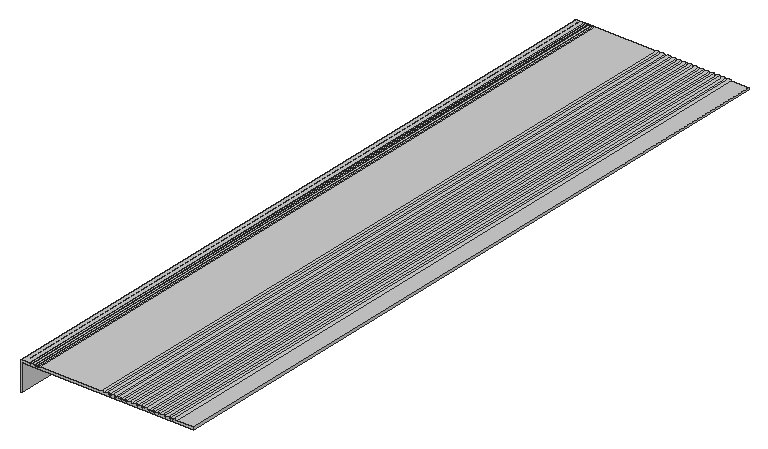
Revit family "111213021021709", category Modelos genéricos, Revit 2018
Family settings
  Puede alojar armadura = No
  Cota de conector redondo = Diámetro de uso
  Tipo de pieza = Normal
  Se basa en plano de trabajo = No
  Siempre vertical = No
  Corte con vacíos al cargar = No
  Compartido = No
  Punto de cálculo de habitación = No
Parameters (values of type "GRADA TITAN PVC 300X50MM GRIS CLARO TIRA 1.20")
  Ventajas = "Autoextinguible"
  Uso = "Fabricado en PVC, ideal para zonas de medio y alto trafico, con estrías\r\nantideslizantes. Ideal para: Edificios Públicos y Privados, Colegios, Universidades, Centros\r\ncomerciales, Aeropuertos, Hoteles, Edificios Habitacionales, entre otros."
  Unidad = "Tiras de 1.20 Mts y 3.00 Mts."
  URL = "https://www.empresascnp.cl/"
  Num SKUs = "111213021021709"
  Nombre SKU = "GRADA TITAN PVC 300X50MM GRIS CLARO TIRA 1.2MT"
  Modelo = "GRADA TITAN PVC 300X50MM"
  Material = PVC flexible gris claro
  Url Ficha tecnica = "https://empresascnp.cl/wp-content/uploads//pdf/ficha-tecnica-grada-titan-pvc-300x50mm-gris-claro-tira-1-2mt.pdf"
  Largo = 1200.00 mm
  Espesor = 4.00 mm
  Empresa = "CNP SPA."
  Dureza = "80 shore A"
  Dimension = 300.00 mm
  Descripción = "Grada Titan 300x50 MM."
  Contacto = "info@empresascnp.cl"
  Color = "GRIS CLARO"
  Aplicacion = "Escaleras"
  Alto = 50.00 mm
Reference planes
  plane 1 "Center F/B": y = 0
  plane 2: z = 0
  plane 3 "Center L/R": x = 0
  plane 4: z = -50
  plane 5 "2": y = 600
  plane 6 "3": y = -600
  plane 7: x = 300
  plane 8: z = -2
  plane 9 "4": x = 2
Forms (mm)
  Extrusion 1, solid, material "PVC flexible gris claro" <- "Material"
    sketch origin (0, 0, 0) x (1, 0, 0) y (0, 0, 1)
      loop
        line (300, 0) -> (270, 0)
        arc (270, 0) -> (267.593, 0.87) -> (265.185, 0) r 3.766
        arc (265.185, 0) -> (262.778, -0.87) -> (260.37, 0) r 3.766
        arc (260.37, 0) -> (257.963, 0.87) -> (255.556, 0) r 3.766
        arc (255.556, 0) -> (253.148, -0.87) -> (250.741, 0) r 3.766
        arc (250.741, 0) -> (248.333, 0.87) -> (245.926, 0) r 3.766
        arc (245.926, 0) -> (243.519, -0.87) -> (241.111, 0) r 3.766
        arc (241.111, 0) -> (238.704, 0.87) -> (236.296, 0) r 3.766
        arc (236.296, 0) -> (233.889, -0.87) -> (231.481, 0) r 3.766
        arc (231.481, 0) -> (229.074, 0.87) -> (226.667, 0) r 3.766
        arc (226.667, 0) -> (224.259, -0.87) -> (221.852, 0) r 3.766
        arc (221.852, 0) -> (219.444, 0.87) -> (217.037, 0) r 3.766
        arc (217.037, 0) -> (214.63, -0.87) -> (212.222, 0) r 3.766
        arc (212.222, 0) -> (209.815, 0.87) -> (207.407, 0) r 3.766
        arc (207.407, 0) -> (205, -0.87) -> (202.593, 0) r 3.766
        arc (202.593, 0) -> (200.185, 0.87) -> (197.778, 0) r 3.766
        arc (197.778, 0) -> (195.37, -0.87) -> (192.963, 0) r 3.766
        arc (192.963, 0) -> (190.556, 0.87) -> (188.148, 0) r 3.766
        arc (188.148, 0) -> (185.741, -0.87) -> (183.333, 0) r 3.766
        arc (183.333, 0) -> (180.926, 0.87) -> (178.519, 0) r 3.766
        arc (178.519, 0) -> (176.111, -0.87) -> (173.704, 0) r 3.766
        arc (173.704, 0) -> (171.296, 0.87) -> (168.889, 0) r 3.766
        arc (168.889, 0) -> (166.481, -0.87) -> (164.074, 0) r 3.766
        arc (164.074, 0) -> (161.667, 0.87) -> (159.259, 0) r 3.766
        arc (159.259, 0) -> (156.852, -0.87) -> (154.444, 0) r 3.766
        arc (154.444, 0) -> (152.037, 0.87) -> (149.63, 0) r 3.766
        arc (149.63, 0) -> (147.222, -0.87) -> (144.815, 0) r 3.766
        arc (144.815, 0) -> (142.407, 0.87) -> (140, 0) r 3.766
        line (140, 0) -> (34, 0)
        arc (34, 0) -> (33, 0.361) -> (32, 0) r 1.564
        arc (32, 0) -> (31, -0.361) -> (30, 0) r 1.564
        arc (30, 0) -> (29, 0.361) -> (28, 0) r 1.564
        arc (28, 0) -> (27, -0.361) -> (26, 0) r 1.564
        arc (26, 0) -> (25, 0.361) -> (24, 0) r 1.564
        arc (24, 0) -> (23, -0.361) -> (22, 0) r 1.564
        arc (22, 0) -> (21, 0.361) -> (20, 0) r 1.564
        arc (20, 0) -> (19, -0.361) -> (18, 0) r 1.564
        arc (18, 0) -> (17, 0.361) -> (16, 0) r 1.564
        line (16, 0) -> (3, 0)
        arc (3, 0) -> (0.879, -0.879) -> (0, -3) r 3
        line (0, -3) -> (0, -50) -> (4, -50) -> (4, -5)
        arc (4, -5) -> (4.293, -4.293) -> (5, -4) r 1
        line (5, -4) -> (300, -4) -> (300, 0)
    from -600 to 600
Dimensions and locks
  "Alto": level to plane 4
  equal spacing: plane 6 "3", plane 1 "Center F/B", plane 5 "2"
  "Largo": plane 6 "3" to plane 5 "2"
  "Dimension": plane 7 to plane 3 "Center L/R"
  "Espesor": plane 2 to Extrusion 1 sketch curve
  "Espesor": Extrusion 1 sketch curve to plane 3 "Center L/R"
  aligned and locked: plane 6 "3" to Extrusion 1
  aligned and locked: Extrusion 1 to plane 5 "2"
  aligned and locked: Extrusion 1 sketch curve to plane 3 "Center L/R"
  aligned and locked: plane 2 to Extrusion 1 sketch curve
  aligned and locked: Extrusion 1 sketch curve to plane 7
  aligned and locked: plane 4 to Extrusion 1 sketch curve
Automatic sketch dimensions
  Extrusion 1 sketch curve to level = 0.00 mm  (x70)
  plane 8 to Extrusion 1 sketch curve = 1.00 mm
  Extrusion 1 sketch curve to Extrusion 1 sketch curve = 1.00 mm  (x4)
  Extrusion 1 sketch curve to Extrusion 1 sketch curve = 11.00 mm
  Extrusion 1 sketch curve to plane 8 = 0.797 mm  (x5)
  level to Extrusion 1 sketch curve = 1.203 mm  (x4)
  Extrusion 1 sketch curve to Extrusion 1 sketch curve = 2.00 mm  (x5)
  Extrusion 1 sketch curve to Extrusion 1 sketch curve = 106.00 mm
  plane 8 to Extrusion 1 sketch curve = 0.896 mm  (x14)
  Extrusion 1 sketch curve to Extrusion 1 sketch curve = 2.407 mm
  level to Extrusion 1 sketch curve = 2.896 mm  (x13)
  Extrusion 1 sketch curve to Extrusion 1 sketch curve = 0.00 mm  (x4)
